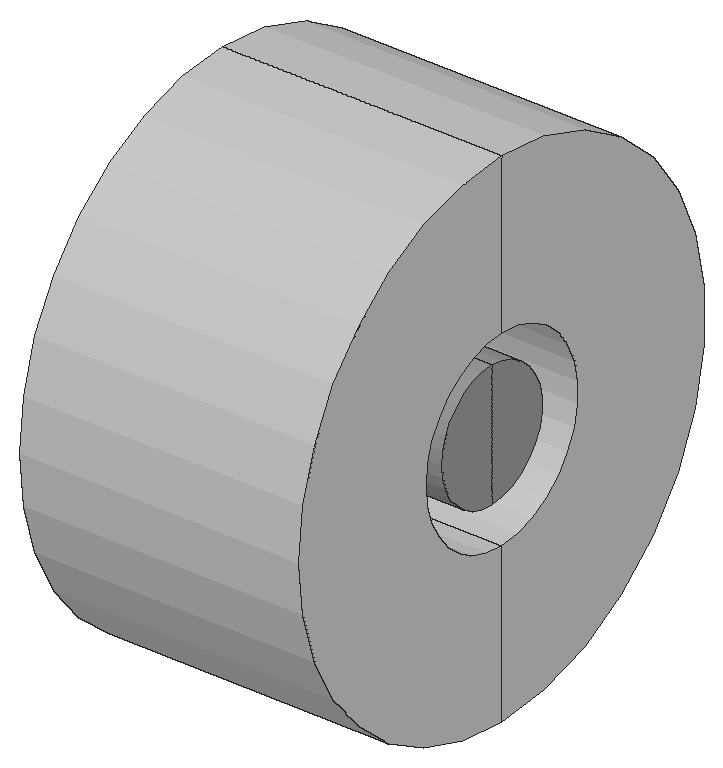
Revit family "6098_Kunststoffrohranschlüsse G 3_4 für PE-X, PB- & Alu-Verbundrohre", category Rohrformteile, Revit 2021
Family settings
  Bemaßung runder Anschluss = Durchmesser verwenden
  Teiletyp = Verbindung
  OmniClass-Nummer = 23.65.55.14
  OmniClass-Titel = Valves for Liquid Services
  Arbeitsebenenbasiert = Nein
  Immer vertikal = Ja
  Beim Laden mit Abzugskörper schneiden = Nein
  Gemeinsam genutzt = Nein
Parameters (values of type "10x1.3")
  Vorgabe-Ansicht = 0.000 mm
  URL = "www.herz-armaturen.at"
  Tülle = "CW617N"  # constant formula
  TL04 [instance] = if([10x1.3], 13.100 mm, if([14x2.0], 17.400 mm, if([15x2.5], 17.400 mm, if([16x2.0], 17.400 mm, if([16x2.25], 17.400 mm, if([17x2.0], 17.400 mm, if([17x2.5], 17.400 mm, if([18x2.0], 17.400 mm, if([18x2.5], 17.400 mm, if([20x2.0], 17.400 mm, if([20x2.25], 17.400 mm, if([20x2.5], 17.400 mm, if([20x2.8], 17.400 mm, 0.000 mm)))))))))))))  # 13.100 mm
  TL03 [instance] = if([10x1.3], 1.100 mm, if([14x2.0], 1.750 mm, if([15x2.5], 1.750 mm, if([16x2.0], 1.750 mm, if([16x2.25], 1.750 mm, if([17x2.0], 1.750 mm, if([17x2.5], 1.750 mm, if([18x2.0], 1.750 mm, if([18x2.5], 1.750 mm, if([20x2.0], 2.400 mm, if([20x2.25], 2.400 mm, if([20x2.5], 2.400 mm, if([20x2.8], 2.400 mm, 0.000 mm)))))))))))))  # 1.100 mm
  TL02 [instance] = if([10x1.3], 6.600 mm, if([14x2.0], 10.000 mm, if([15x2.5], 10.000 mm, if([16x2.0], 10.000 mm, if([16x2.25], 10.000 mm, if([17x2.0], 10.000 mm, if([17x2.5], 10.000 mm, if([18x2.0], 10.000 mm, if([18x2.5], 10.000 mm, if([20x2.0], 11.000 mm, if([20x2.25], 11.000 mm, if([20x2.5], 11.000 mm, if([20x2.8], 11.000 mm, 0.000 mm)))))))))))))  # 6.600 mm
  TL01 [instance] = if([10x1.3], 3.900 mm, if([14x2.0], 3.900 mm, if([15x2.5], 3.900 mm, if([16x2.0], 3.900 mm, if([16x2.25], 3.900 mm, if([17x2.0], 3.900 mm, if([17x2.5], 3.900 mm, if([18x2.0], 3.900 mm, if([18x2.5], 3.900 mm, if([20x2.0], 3.900 mm, if([20x2.25], 3.900 mm, if([20x2.5], 3.900 mm, if([20x2.8], 3.900 mm, 0.000 mm)))))))))))))  # 3.900 mm
  TL00 [instance] = if([10x1.3], 17.600 mm, if([14x2.0], 25.000 mm, if([15x2.5], 25.000 mm, if([16x2.0], 25.000 mm, if([16x2.25], 25.000 mm, if([17x2.0], 25.000 mm, if([17x2.5], 25.000 mm, if([18x2.0], 25.000 mm, if([18x2.5], 25.000 mm, if([20x2.0], 26.000 mm, if([20x2.25], 26.000 mm, if([20x2.5], 26.000 mm, if([20x2.8], 26.000 mm, 0.000 mm)))))))))))))  # 17.600 mm
  TD04 [instance] = if([10x1.3], 3.700 mm, if([14x2.0], 5.000 mm, if([15x2.5], 5.000 mm, if([16x2.0], 6.000 mm, if([16x2.25], 5.750 mm, if([17x2.0], 6.500 mm, if([17x2.5], 6.000 mm, if([18x2.0], 7.000 mm, if([18x2.5], 6.500 mm, if([20x2.0], 8.000 mm, if([20x2.25], 7.750 mm, if([20x2.5], 7.500 mm, if([20x2.8], 7.200 mm, 0.000 mm)))))))))))))  # 3.700 mm
  TD03 [instance] = if([10x1.3], 5.650 mm, if([14x2.0], 7.750 mm, if([15x2.5], 7.750 mm, if([16x2.0], 8.250 mm, if([16x2.25], 8.250 mm, if([17x2.0], 8.750 mm, if([17x2.5], 8.750 mm, if([18x2.0], 9.250 mm, if([18x2.5], 9.250 mm, if([20x2.0], 10.250 mm, if([20x2.25], 10.250 mm, if([20x2.5], 10.250 mm, if([20x2.8], 10.250 mm, 0.000 mm)))))))))))))  # 5.650 mm
  TD02 [instance] = if([10x1.3], 6.630 mm, if([14x2.0], 8.850 mm, if([15x2.5], 8.850 mm, if([16x2.0], 9.350 mm, if([16x2.25], 9.350 mm, if([17x2.0], 9.850 mm, if([17x2.5], 9.850 mm, if([18x2.0], 10.350 mm, if([18x2.5], 10.350 mm, if([20x2.0], 11.200 mm, if([20x2.25], 11.200 mm, if([20x2.5], 11.200 mm, if([20x2.8], 11.200 mm, 0.000 mm)))))))))))))  # 6.630 mm
  TD01 [instance] = if([10x1.3], 9.750 mm, if([14x2.0], 11.000 mm, if([15x2.5], 11.000 mm, if([16x2.0], 11.000 mm, if([16x2.25], 11.000 mm, if([17x2.0], 11.500 mm, if([17x2.5], 11.500 mm, if([18x2.0], 11.500 mm, if([18x2.5], 11.500 mm, if([20x2.0], 12.000 mm, if([20x2.25], 12.000 mm, if([20x2.5], 12.000 mm, if([20x2.8], 12.000 mm, 0.000 mm)))))))))))))  # 9.750 mm
  TD00 = 8.950 mm  # constant formula
  SCRNSEQ = "AWI;AWI_TYP=\"1001\";2"
  SCRNCODE = "07;01;02"  # constant formula
  S02 = 5.000 mm  # constant formula
  S01 = 5.000 mm  # constant formula
  O-Ring = "EPDM"  # constant formula
  Nennweite_Press [instance] = if([10x1.3], 10.000 mm, if([14x2.0], 14.000 mm, if([15x2.5], 15.000 mm, if([16x2.0], 16.000 mm, if([16x2.25], 16.000 mm, if([17x2.0], 17.000 mm, if([17x2.5], 17.000 mm, if([18x2.0], 18.000 mm, if([18x2.5], 18.000 mm, if([20x2.0], 20.000 mm, if([20x2.25], 20.000 mm, if([20x2.5], 20.000 mm, if([20x2.8], 20.000 mm, 0.000 mm)))))))))))))  # 10.000 mm
  Nennweite = 20.000 mm  # constant formula
  Mutter = "CW617N, G 3/4"  # constant formula
  Medium = "Heizungswasser nach ÖNORM H5195 oder VDI- Richtlinie 2035.\r\nDie Verwendung von Ethylen- oder Propyleneglykol in einem Mischungsverhältnis 25-50% ist zulässig."
  Max. Betriebstemperatur = 95 °C  # constant formula
  Max. Betriebsdruck = 1000000.0 Pa  # constant formula
  ML02 [instance] = if([10x1.3], 9.500 mm, if([14x2.0], 12.000 mm, if([15x2.5], 12.000 mm, if([16x2.0], 12.000 mm, if([16x2.25], 12.000 mm, if([17x2.0], 12.000 mm, if([17x2.5], 12.000 mm, if([18x2.0], 12.000 mm, if([18x2.5], 12.000 mm, if([20x2.0], 14.800 mm, if([20x2.25], 14.800 mm, if([20x2.5], 14.800 mm, if([20x2.8], 14.800 mm, 0.000 mm)))))))))))))  # 9.500 mm
  ML01 [instance] = TL02 + KL01  # 11.200 mm
  ML00 [instance] = if([10x1.3], 16.500 mm, if([14x2.0], 20.000 mm, if([15x2.5], 20.000 mm, if([16x2.0], 20.000 mm, if([16x2.25], 20.000 mm, if([17x2.0], 20.000 mm, if([17x2.5], 20.000 mm, if([18x2.0], 20.000 mm, if([18x2.5], 20.000 mm, if([20x2.0], 23.000 mm, if([20x2.25], 23.000 mm, if([20x2.5], 23.000 mm, if([20x2.8], 23.000 mm, 0.000 mm)))))))))))))  # 16.500 mm
  MD02 [instance] = if([10x1.3], 5.650 mm, if([14x2.0], 7.725 mm, if([15x2.5], 8.200 mm, if([16x2.0], 8.750 mm, if([16x2.25], 8.750 mm, if([17x2.0], 9.225 mm, if([17x2.5], 9.225 mm, if([18x2.0], 9.750 mm, if([18x2.5], 9.750 mm, if([20x2.0], 10.700 mm, if([20x2.25], 10.700 mm, if([20x2.5], 10.700 mm, if([20x2.8], 10.700 mm, 0.000 mm)))))))))))))  # 5.650 mm
  MD01 = 12.250 mm  # constant formula
  MD00 [instance] = if([10x1.3], 15.000 mm, if([14x2.0], 15.000 mm, if([15x2.5], 15.000 mm, if([16x2.0], 15.000 mm, if([16x2.25], 15.000 mm, if([17x2.0], 15.000 mm, if([17x2.5], 15.000 mm, if([18x2.0], 15.000 mm, if([18x2.5], 15.000 mm, if([20x2.0], 15.000 mm, if([20x2.25], 15.000 mm, if([20x2.5], 15.000 mm, if([20x2.8], 15.000 mm, 0.000 mm)))))))))))))  # 15.000 mm
  Klemmring = "CW617N"  # constant formula
  KL02 [instance] = (KL00 - KL01) / 2  # 1.700 mm
  KL01 [instance] = if([10x1.3], 4.600 mm, if([14x2.0], 6.000 mm, if([15x2.5], 6.000 mm, if([16x2.0], 6.000 mm, if([16x2.25], 6.000 mm, if([17x2.0], 6.000 mm, if([17x2.5], 6.000 mm, if([18x2.0], 6.000 mm, if([18x2.5], 6.000 mm, if([20x2.0], 6.000 mm, if([20x2.25], 6.000 mm, if([20x2.5], 6.000 mm, if([20x2.8], 6.000 mm, 0.000 mm)))))))))))))  # 4.600 mm
  KL00 = 8.000 mm  # constant formula
  KH00 [instance] = if([10x1.3], 1.825 mm, if([14x2.0], 1.850 mm, if([15x2.5], 1.850 mm, if([16x2.0], 1.800 mm, if([16x2.25], 1.800 mm, if([17x2.0], 1.800 mm, if([17x2.5], 1.800 mm, if([18x2.0], 1.800 mm, if([18x2.5], 1.800 mm, if([20x2.0], 1.575 mm, if([20x2.25], 1.575 mm, if([20x2.5], 1.575 mm, if([20x2.8], 1.575 mm, 0.000 mm)))))))))))))  # 1.825 mm
  Hinweiß zum Werkstoff = "Gemäß Art 33 der REACH-Verordnung (EG Nr. 1907/2006) sind wir verpflichtet, darauf hinzuweisen, dass der Stoff Blei auf der SVHC-Liste geführt wird und dass alle aus Messing bestehenden Bauteile, die in unseren Erzeugnissen verarbeitet sind, mehr als 0,1 % (w/w) Blei (CAS: 7439-92-1 / EINECS: 231-100-4) enthalten.\r\nDa Blei als Legierungsbestandteil fest gebunden ist, sind keine Expositionen zu erwarten und daher sind keine zusätzlichen Angaben zur sicheren Verwendung notwendig."
  Hersteller = "HERZ Armaturen Ges.m.b.H."  # constant formula
  Bestellnummer = if([10x1.3], 1609818, if([14x2.0], 1609802, if([15x2.5], 1609816, if([16x2.0], 1609803, if([16x2.25], 1609813, if([17x2.0], 1609804, if([17x2.5], 1609805, if([18x2.0], 1609807, if([18x2.5], 1609806, if([20x2.0], 1609808, if([20x2.25], 1609820, if([20x2.5], 1609811, if([20x2.8], 1609809, 0)))))))))))))  # 1609818
  Ausführung = "6098 G 3/4 - 10, 14, 15, 16, 17, 18 und 20mm:\r\nKunststoffrohranschluss mit Doppel-O-Ring, bestehend aus Schlauchtülle mit Konus, Schlauchklemmring und Überwurfmutter G 3/4 mit Konus."
  Anwendungsgebiet = "Die Kunststoffrohranschlüsse sind geeignet für Heizungsinstallationen der Anwendungsklassen 1,2, 4 und 5, gemäß ISO 10508, für Rohre aus PE-X (EN ISO 15875) und PE-RT (EN ISO 22391), sowie für Kunststoff-Metall-Verbundrohre (EN ISO 21003).\r\nDie Vorgaben der Rohrhersteller bezüglich Druck und Temperatur sind zu beachten.\r\nDer Kunststoffrohranschluss stellt eine absolut sichere Verbindung zwischen Rohr und Ventilgehäuse dar.\r\nDiese Verbindung kann bei Bedarf jederzeit gelöst werden.\r\nEine einwandfreie Dichtheit ist auf Dauer nur dann gegeben, wenn die Montage ordnungsgemäß nach HERZ-Montageanleitung durchgeführt wurde."
  20x2.8 = no
  20x2.5 = no
  20x2.25 = no
  20x2.0 = no
  18x2.5 = no
  18x2.0 = no
  17x2.5 = no
  17x2.0 = no
  16x2.25 = no
  16x2.0 = no
  15x2.5 = no
  14x2.0 = no
  10x1.3 = yes
Types (14, lengths in mm): name | TL04 | TL03 | TL02 | TL00 | TD04 | TD03 | TD02 | TD01 | Nennweite_Press | ML02 | ML01 | ML00 | MD02 | KL02 | KL01 | KH00 | Bestellnummer | 20x2.8 | 20x2.5 | 20x2.25 | 20x2.0 | 18x2.5 | 18x2.0 | 17x2.5 | 17x2.0 | 16x2.25 | 16x2.0 | 15x2.5 | 14x2.0 | 10x1.3
  (no name) | 13.100 | 1.100 | 6.600 | 17.600 | 3.700 | 5.650 | 6.630 | 9.750 | 10.000 | 9.500 | 11.200 | 16.500 | 5.650 | 1.700 | 4.600 | 1.825 | 1609818 | no | no | no | no | no | no | no | no | no | no | no | no | yes
  10x1.3 | 13.100 | 1.100 | 6.600 | 17.600 | 3.700 | 5.650 | 6.630 | 9.750 | 10.000 | 9.500 | 11.200 | 16.500 | 5.650 | 1.700 | 4.600 | 1.825 | 1609818 | no | no | no | no | no | no | no | no | no | no | no | no | yes
  14x2.0 | 17.400 | 1.750 | 10.000 | 25.000 | 5.000 | 7.750 | 8.850 | 11.000 | 14.000 | 12.000 | 16.000 | 20.000 | 7.725 | 1.000 | 6.000 | 1.850 | 1609802 | no | no | no | no | no | no | no | no | no | no | no | yes | no
  15x2.5 | 17.400 | 1.750 | 10.000 | 25.000 | 5.000 | 7.750 | 8.850 | 11.000 | 15.000 | 12.000 | 16.000 | 20.000 | 8.200 | 1.000 | 6.000 | 1.850 | 1609816 | no | no | no | no | no | no | no | no | no | no | yes | no | no
  16x2.0 | 17.400 | 1.750 | 10.000 | 25.000 | 6.000 | 8.250 | 9.350 | 11.000 | 16.000 | 12.000 | 16.000 | 20.000 | 8.750 | 1.000 | 6.000 | 1.800 | 1609803 | no | no | no | no | no | no | no | no | no | yes | no | no | no
  16x2.25 | 17.400 | 1.750 | 10.000 | 25.000 | 5.750 | 8.250 | 9.350 | 11.000 | 16.000 | 12.000 | 16.000 | 20.000 | 8.750 | 1.000 | 6.000 | 1.800 | 1609813 | no | no | no | no | no | no | no | no | yes | no | no | no | no
  17x2.0 | 17.400 | 1.750 | 10.000 | 25.000 | 6.500 | 8.750 | 9.850 | 11.500 | 17.000 | 12.000 | 16.000 | 20.000 | 9.225 | 1.000 | 6.000 | 1.800 | 1609804 | no | no | no | no | no | no | no | yes | no | no | no | no | no
  17x2.5 | 17.400 | 1.750 | 10.000 | 25.000 | 6.000 | 8.750 | 9.850 | 11.500 | 17.000 | 12.000 | 16.000 | 20.000 | 9.225 | 1.000 | 6.000 | 1.800 | 1609805 | no | no | no | no | no | no | yes | no | no | no | no | no | no
  18x2.0 | 17.400 | 1.750 | 10.000 | 25.000 | 7.000 | 9.250 | 10.350 | 11.500 | 18.000 | 12.000 | 16.000 | 20.000 | 9.750 | 1.000 | 6.000 | 1.800 | 1609807 | no | no | no | no | no | yes | no | no | no | no | no | no | no
  18x2.5 | 17.400 | 1.750 | 10.000 | 25.000 | 6.500 | 9.250 | 10.350 | 11.500 | 18.000 | 12.000 | 16.000 | 20.000 | 9.750 | 1.000 | 6.000 | 1.800 | 1609806 | no | no | no | no | yes | no | no | no | no | no | no | no | no
  20x2.0 | 17.400 | 2.400 | 11.000 | 26.000 | 8.000 | 10.250 | 11.200 | 12.000 | 20.000 | 14.800 | 17.000 | 23.000 | 10.700 | 1.000 | 6.000 | 1.575 | 1609808 | no | no | no | yes | no | no | no | no | no | no | no | no | no
  20x2.25 | 17.400 | 2.400 | 11.000 | 26.000 | 7.750 | 10.250 | 11.200 | 12.000 | 20.000 | 14.800 | 17.000 | 23.000 | 10.700 | 1.000 | 6.000 | 1.575 | 1609820 | no | no | yes | no | no | no | no | no | no | no | no | no | no
  20x2.5 | 17.400 | 2.400 | 11.000 | 26.000 | 7.500 | 10.250 | 11.200 | 12.000 | 20.000 | 14.800 | 17.000 | 23.000 | 10.700 | 1.000 | 6.000 | 1.575 | 1609811 | no | yes | no | no | no | no | no | no | no | no | no | no | no
  20x2.8 | 17.400 | 2.400 | 11.000 | 26.000 | 7.200 | 10.250 | 11.200 | 12.000 | 20.000 | 14.800 | 17.000 | 23.000 | 10.700 | 1.000 | 6.000 | 1.575 | 1609809 | yes | no | no | no | no | no | no | no | no | no | no | no | no
Reference planes
  plane 1 "Mitte (Vorne/hinten)": y = 0
  plane 2: z = 0
  plane 3 "Mitte (Links/rechts)": x = 0
Forms (mm)
  Revolve 1, solid, material "Messing, weicher Gelbton, geschweißt", detail levels fine
    sketch origin (-63.82, 0, 0) x (1, 0, 0) y (0, 0, 1)
      loop
        line (63.82, 0) -> (81.42, 0) -> (81.42, 3.7) -> (68.32, 3.7) -> (68.32, 5.65) -> (70.42, 6.63) -> (70.42, 9.75) -> (69.32, 9.75) -> (67.72, 8.95) -> (63.82, 8.95) -> (63.82, 0)
      axis (63.82, 0) -> (81.42, 0)
    angle from 0 to 360
  Revolve 2, solid, material "Messing, vernickelt", detail levels fine
    sketch origin (-64.32, 0, 0) x (1, 0, 0) y (0, 0, 1)
      loop
        line (66.02, 12.25) -> (75.52, 12.25) -> (75.52, 5.65) -> (82.52, 5.65) -> (82.52, 15) -> (66.02, 15) -> (66.02, 12.25)
      axis (66.02, 0) -> (82.52, 0)
    angle from 0 to 360
  Revolve 3, solid, material "Messing, weicher Gelbton, geschweißt", detail levels fine
    sketch origin (0, 0, 0) x (1, 0, 0) y (0, 0, 1)
      loop
        line (4.9, 4.805) -> (12.9, 4.805) -> (11.2, 6.63) -> (6.6, 6.63) -> (4.9, 4.805)
      axis (4.9, 0) -> (12.9, 0)
    angle from 0 to 360
Lines and regions (mm)
  model lines, detail levels coarse+medium
    curve 1: line (0, 0, 0) -> (17.6, 0, 0)
    curve 2: line (5, 0, 15) -> (5, 0, -15)
    curve 3: line (5, 0, -15) -> (10, 0, -15)
    curve 4: line (10, 0, -15) -> (5, 0, 0)
    curve 5: line (5, 0, 15) -> (10, 0, 15)
    curve 6: line (10, 0, 15) -> (5, 0, 0)
    curve 7: line (5, 15, 0) -> (5, -15, 0)
    curve 8: line (5, -15, 0) -> (10, -15, 0)
    curve 9: line (10, -15, 0) -> (5, 0, 0)
    curve 10: line (5, 15, 0) -> (10, 15, 0)
    curve 11: line (10, 15, 0) -> (5, 0, 0)
Dimensions and locks
  "TL01": Revolve 1 sketch curve to plane 3 "Mitte (Links/rechts)"
  "TL02": Revolve 1 sketch curve to plane 3 "Mitte (Links/rechts)"
  "TL00": Revolve 1 sketch curve to Revolve 1 sketch curve
  "TL03": Revolve 1 sketch curve to Revolve 1 sketch curve
  "TL04": Revolve 1 sketch curve to Revolve 1 sketch curve
  "TL02": Revolve 3 sketch curve to plane 3 "Mitte (Links/rechts)"
  "KL00": Revolve 3 sketch curve to Revolve 3 sketch curve
  "KH00": Revolve 3 sketch curve to Revolve 3 sketch curve
  "TD02": Revolve 3 sketch curve to plane 2
  "TD04": Revolve 1 sketch curve to plane 2
  "TD03": Revolve 1 sketch curve to plane 2
  "TD02": Revolve 1 sketch curve to plane 2
  "TD01": Revolve 1 sketch curve to plane 2
  "TD00": Revolve 1 sketch curve to plane 2
  "KL01": Revolve 3 sketch curve to Revolve 3 sketch curve
  "KL02": Revolve 3 sketch curve to Revolve 1
  "ML01": Revolve 2 sketch curve to plane 3 "Mitte (Links/rechts)"
  "ML00": Revolve 2 sketch curve to Revolve 2 sketch curve
  "ML02": Revolve 2 sketch curve to Revolve 2 sketch curve
  "MD00": Revolve 2 sketch curve to plane 2
  "MD01": Revolve 2 sketch curve to plane 2
  "MD02": Revolve 2 sketch curve to plane 2
  "TL00": curve 1 to curve 1
  "S01": curve 2 to plane 3 "Mitte (Links/rechts)"
  "S02": curve 2 to curve 4
  "MD00": curve 5 to plane 2 to curve 3
  "S01": plane 3 "Mitte (Links/rechts)" to curve 7
  "S02": curve 7 to curve 11
  "MD00": curve 8 to plane 1 "Mitte (Vorne/hinten)" to curve 10
  aligned and locked: level to plane 2
Automatic sketch dimensions
  curve 1 to level = 0.000 mm
  curve 1 to plane 3 "Mitte (Links/rechts)" = 0.000 mm
  curve 4 to level = 0.000 mm
  curve 2 to curve 5 = 5.000 mm
  plane 1 "Mitte (Vorne/hinten)" to curve 9 = 0.000 mm
  plane 1 "Mitte (Vorne/hinten)" to curve 11 = 0.000 mm
  curve 7 to curve 8 = 5.000 mm
  Revolve 1 sketch curve to level = 0.000 mm  (x2)
  Revolve 1 sketch curve to plane 3 "Mitte (Links/rechts)" = 0.000 mm
  Revolve 1 sketch curve to Revolve 1 sketch curve = 1570.350 mm
  Revolve 1 sketch curve to Revolve 1 sketch curve = 1757.728 mm
  Revolve 2 sketch curve to level = 0.000 mm
  Revolve 2 sketch curve to plane 3 "Mitte (Links/rechts)" = 1570.850 mm
  Revolve 2 sketch curve to Revolve 2 sketch curve = 1757.488 mm
  Revolve 3 sketch curve to level = 0.000 mm
  Revolve 3 sketch curve to plane 3 "Mitte (Links/rechts)" = 1506.530 mm
  Revolve 3 sketch curve to Revolve 3 sketch curve = 1825.548 mm
Connectors
  piping at (11.2, 0, 0), diameter 20, driven by "Nennweite"
    settings: on Revolve 2, index 1, connector inside diameter 609.6 mm, connector length 0.000 mm, flow factor 0, pipe flow 0.0 L/s, pressure drop 0.0 Pa, fitting loss kfactor 0, connector angle 0.00°, fixture units 0, engagement length 0.000 mm, angle of deflection 0.00°, flow configuration 0, flow direction 0, fitting loss method 0, system type 29, joint type 0, gender type 0, connector reference index -1, connector utility 0, adjustable connector no, is connector primary yes, connector description ""
  piping at (4.5, 0, 0), diameter 10, driven by "Nennweite_Press"
    settings: on Revolve 1, index 2, connector inside diameter 609.6 mm, connector length 0.000 mm, flow factor 0, pipe flow 0.0 L/s, pressure drop 0.0 Pa, fitting loss kfactor 0, connector angle 0.00°, fixture units 0, engagement length 0.000 mm, angle of deflection 0.00°, flow configuration 0, flow direction 0, fitting loss method 0, system type 29, joint type 0, gender type 0, connector reference index -1, connector utility 0, adjustable connector no, is connector primary no, connector description ""
